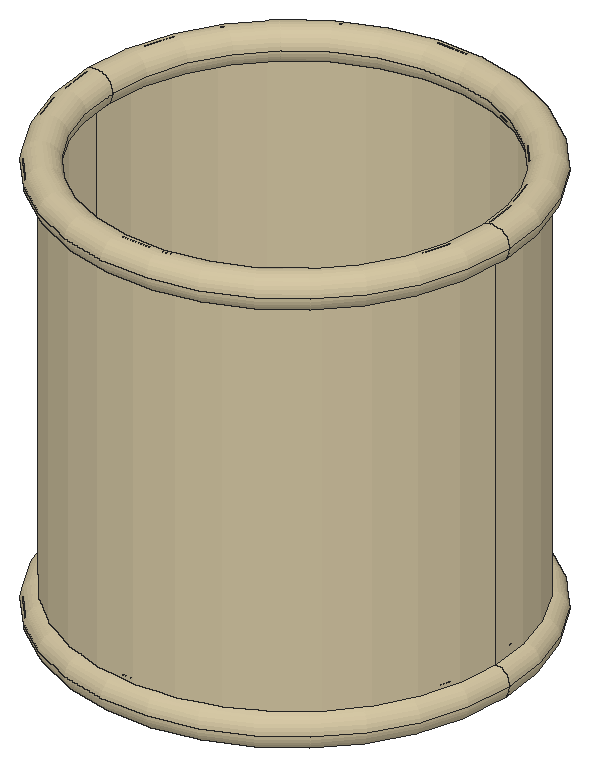
Revit family "1413-F", category Meble, Revit 2021
Family settings
  Numer OmniClass = 23.40.20.00
  Tytuł OmniClass = General Furniture and Specialties
  Oparty na płaszczyźnie roboczej = Nie
  Zawsze pionowo = Tak
  Tnij formami wycięć po wczytaniu = Nie
  Współdzielony = Nie
  Punkt obliczania pomieszczeń = Nie
Parameters (values of type "1413-F")
  metal = Mobilis Design RAL 1000
  Width = "45 cm"
  Weight = "20 kg"
  URL = ""
  Size = "55 L"
  Product Line = "Phoenix"
  Product Groups = ""
  Manufacturer = ""
  Keynote = ""
  Description = ""
  Model = "1413-F"
  Material = ""
  Maintenance = ""
  Lenght = "45 cm"
  Type Comments = ""
  Mobilis Design Materials = ""
  Hosted on = ""
  Height = "46 cm"
  Domyślna rzędna = 0 mm
  Copyright = "All designs and drawings are the common intellectual property of Lars Laj A/S and Tress and are protected by Danish and international copyright laws."
Reference planes
  plane 1: z = 0
  plane 2 "Środek (Lewa/Prawa)": x = 0
  plane 3 "Środek": y = 257.204
Forms (mm)
  Extrusion 1, solid, material "Mobilis Design RAL 1000" <- "metal", not visible
    sketch origin (0, 0, 0) x (0, 1, 0) y (0, 0, 1)
      loop
        arc (71.187, 451.5) -> (57.045, 445.642) -> (51.187, 431.5) r 20
        line (51.187, 431.5) -> (51.187, 18.231)
        arc (51.187, 18.231) -> (56.527, 5.34) -> (69.418, 0) r 18.231
        line (69.418, 0) -> (153.638, 0) -> (153.638, 15) -> (448.638, 15) -> (448.638, 0) -> (527.023, 0)
        arc (527.023, 0) -> (542.307, 6.331) -> (548.638, 21.615) r 21.615
        line (548.638, 21.615) -> (548.638, 429.407)
        arc (548.638, 429.407) -> (542.168, 445.029) -> (526.545, 451.5) r 22.093
        line (526.545, 451.5) -> (71.187, 451.5)
    from 750.378 to 745
  Extrusion 2, solid, material "Mobilis Design RAL 1000" <- "metal", not visible
    sketch origin (0, 0, 0) x (0, 1, 0) y (0, 0, 1)
      loop
        line (548.638, 396.844) -> (629.375, 854.725) -> (601.836, 859.581)
        arc (601.836, 859.581) -> (585.224, 855.898) -> (576.082, 841.547) r 22.232
        line (576.082, 841.547) -> (507.306, 451.5) -> (526.545, 451.5)
        arc (526.545, 451.5) -> (542.168, 445.029) -> (548.638, 429.407) r 22.093
        line (548.638, 429.407) -> (548.638, 396.844)
    from 745 to 750.378
  Extrusion 3, solid, material "Mobilis Design RAL 1000" <- "metal"
    sketch origin (0, 0, 0) x (1, 0, 0) y (0, 1, 0)
      loop
        circle (0, 257.204) r 212.726
      loop
        circle (0, 257.204) r 210.588
    from 43.725 to 426.325
  Revolve 4, solid, material "Mobilis Design RAL 1000" <- "metal"
    sketch origin (0, 257.204, 0) x (-1, 0, 0) y (0, 0, 1)
      loop
        circle (209.924, 443.402) r 17.072
      loop
        circle (209.924, 443.402) r 15
      axis (0, 443.402) -> (0, 442.402)
    angle from 0 to 360
  Revolve 5, solid, material "Mobilis Design RAL 1000" <- "metal"
    sketch origin (0, 257.204, -415) x (-1, 0, 0) y (0, 0, 1)
      loop
        circle (209.924, 443.402) r 17.072
      loop
        circle (209.924, 443.402) r 15
      axis (0, 443.402) -> (0, 442.402)
    angle from 0 to 360
  Extrusion 6, solid, material "Mobilis Design RAL 1000" <- "metal"
    sketch origin (0, 0, 0) x (1, 0, 0) y (0, 1, 0)
      loop
        line (-31.563, 452.204) -> (-31.563, 62.833) -> (28.437, 62.833) -> (28.437, 452.204) -> (-31.563, 452.204)
    from 30.99 to 15.99
  Extrusion 7, solid, material "Mobilis Design RAL 1000" <- "metal"
    sketch origin (255.956, 259.081, 0) x (0, 1, 0) y (-1, 0, 0)
      loop
        line (-31.563, 452.204) -> (-31.563, 287.518) -> (28.437, 287.518) -> (28.437, 452.204) -> (-31.563, 452.204)
    from 30.99 to 15.99
  Extrusion 8, solid, material "Mobilis Design RAL 1000" <- "metal"
    sketch origin (-255.956, 259.081, 0) x (0, 1, 0) y (-1, 0, 0)
      loop
        line (-31.563, -452.204) -> (28.437, -452.204) -> (28.437, -284.393) -> (-31.563, -284.393) -> (-31.563, -452.204)
    from 30.99 to 15.99
  Extrusion 9, solid, material "Mobilis Design RAL 1000" <- "metal"
    sketch origin (0, 0, 0) x (1, 0, 0) y (0, 1, 0)
      loop
        line (-25.063, 447.865) -> (-25.062, 397.865) -> (24.938, 397.865) -> (24.938, 447.865) -> (-25.063, 447.865)
      loop
        line (-25.063, 66.543) -> (24.937, 66.543) -> (24.937, 116.543) -> (-25.063, 116.543) -> (-25.063, 66.543)
      loop
        line (-190.723, 232.204) -> (-140.723, 232.204) -> (-140.723, 282.204) -> (-190.723, 282.204) -> (-190.723, 232.204)
      loop
        line (190.598, 232.204) -> (190.598, 282.204) -> (140.598, 282.204) -> (140.598, 232.204) -> (190.598, 232.204)
    from 0 to 11.49
  Extrusion 10, solid, material "Mobilis Design RAL 1000" <- "metal"
    sketch origin (0, 0, 0) x (1, 0, 0) y (0, 1, 0)
      loop
        circle (0, 257.204) r 210.588
    from 11.49 to 15.99
Dimensions and locks
  aligned and locked: level to plane 1
